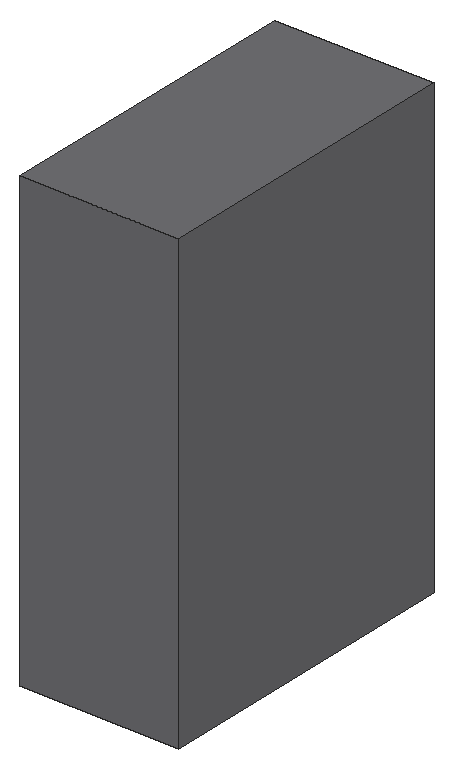
Revit family "BUS_End Cap 800A", category Electrical Equipment, Revit 2025
Family settings
  Panel Configuration = Two Columns, Circuits Across
  Round Connector Dimension = Use Diameter
  Part Type = Panelboard
  OmniClass Number = 23.80.30.11.17
  OmniClass Title = Distribution Boards and Control Panels
  Work Plane-Based = No
  Always vertical = Yes
  Cut with Voids When Loaded = No
  Maintain Annotation Orientation = No
  Shared = No
  Room Calculation Point = No
Parameters (values of type "800A")
  built-in parameter 1140142 [instance] = -1
  built-in parameter 1140140 [instance] = 1 (stored number, unit not read)
  built-in parameter 1155100 [instance] = -1
  Default Elevation = 0 mm
Reference planes
  plane 1 "Center (Front/Back)": y = 0
  plane 2: z = 0
  plane 3 "Center (Left/Right)": x = 0
Forms (mm)
  Extrusion 1, solid, material "Busduct End Cap"
    sketch origin (0, 0, -115) x (1, 0, 0) y (0, 1, 0)
      loop
        line (0, -80) -> (80, -80) -> (80, 80) -> (0, 80) -> (0, -80)
    from 0 to 230
Dimensions and locks
  aligned and locked: level to plane 2
